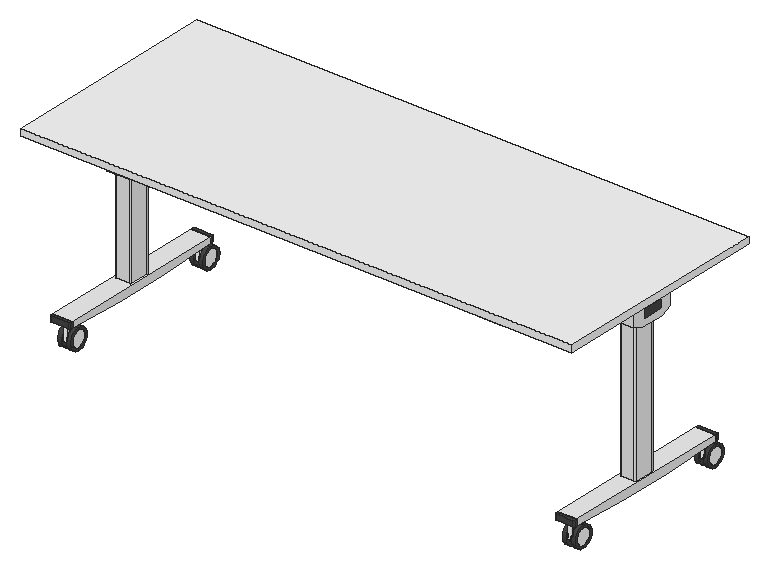
Revit family "Rectangular 800 Deep", category Furniture, Revit 2016
Family settings
  OmniClass Number = 23.40.20.00
  OmniClass Title = General Furniture and Specialties
  Work Plane-Based = No
  Always vertical = Yes
  Cut with Voids When Loaded = No
  Shared = No
  Room Calculation Point = No
Parameters (values of type "2000 x 800")
  Width = 2000 mm
  URL = "www.gof.co.uk"
  Type Comments = ""
  Sockets = yes
  Range = "GC1"
  Product Code = "GC1D1"
  Modesty Panel = ""
  HeightControl [instance] = if(Height < 740 mm, 740 mm, (if(Height > 1388 mm, 1388 mm, Height)))  # 740 mm
  Height [instance] = 727 mm
  Table Top = Gresham - White MFC
  Model = ""
  Manufacturer = "Gresham Office Furniture"  # constant formula
  Frame = Gresham - White Metal
  Foot = Gresham - Black Plastic
  Depth = 800 mm
  Cable Tray = ""
  Assembly Code = "E2020200"
Types (11, lengths in mm): name | Width | Sockets | Product Code | Depth
  (no name) | 2000 | yes | "GC1D1" | 800
  1600 x 800 | 1600 | yes | "GC1D3" | 800
  1800 x 800 | 1800 | yes | "GC1D2" | 800
  1200 x 800 | 1200 | no | "GC1B5" | 800
  1400 x 800 | 1400 | yes | "GC1D4" | 800
  1200 x 1000 | 1200 | no | "GC145" | 1000
  1400 x 1000 | 1200 | no | "GC1C4" | 1000
  1600 x 1000 | 1600 | yes | "GC1C3" | 1000
  1800 x 1000 | 1800 | yes | "GC1C2" | 1000
  2000 x 800 | 2000 | yes | "GC1D1" | 800
  2000 x 1000 | 2000 | yes | "GC1C1" | 1000
Reference planes
  plane 1 "Center (Front/Back)": y = 0
  plane 2: z = 0
  plane 3 "Center (Left/Right)": x = 0
  plane 4: x = -1000
  plane 5: x = 1000
  plane 6 "Desktop Underside": z = 715
  plane 7: y = 400
  plane 8: y = -400
  plane 9 "Foot": z = 15
  plane 10: z = 740
  plane 11: x = 859
  plane 12: x = -859
  plane 13 "Control": x = 950
  plane 14: x = -950
  plane 15: z = 672
  plane 16 "Left Handle": x = -632.5
  plane 17 "Right Handle": x = 632.5
  plane 18: y = 192.5
Forms (mm)
  Extrusion 1, solid, material "Gresham - White MFC" <- "Table Top"
    sketch origin (0, 0, 715) x (-1, 0, 0) y (0, -1, 0)
      loop
        line (-1000, 400) -> (-1000, -400) -> (1000, -400) -> (1000, 400) -> (-1000, 400)
    from 0 to 25
  Extrusion 2, solid, material "Gresham - White Metal" <- "Frame"
    sketch origin (-20.86, -302, -25) x (0, 1, 0) y (0, 0, 1)
      loop
        line (381.5, 712) -> (347.5, 712)
        arc (347.5, 712) -> (345.379, 711.121) -> (344.5, 709) r 3
        line (344.5, 709) -> (344.5, 675)
        arc (344.5, 675) -> (345.379, 672.879) -> (347.5, 672) r 3
        line (347.5, 672) -> (381.5, 672)
        arc (381.5, 672) -> (383.621, 672.879) -> (384.5, 675) r 3
        line (384.5, 675) -> (384.5, 709)
        arc (384.5, 709) -> (383.621, 711.121) -> (381.5, 712) r 3
    from -838.14 to 879.86
  Extrusion 3, solid, material "Gresham - White Metal" <- "Frame"
    sketch origin (-20.86, 302, -25) x (0, -1, 0) y (0, 0, -1)
      loop
        arc (381.5, -712) -> (383.621, -711.121) -> (384.5, -709) r 3
        line (384.5, -709) -> (384.5, -675)
        arc (384.5, -675) -> (383.621, -672.879) -> (381.5, -672) r 3
        line (381.5, -672) -> (347.5, -672)
        arc (347.5, -672) -> (345.379, -672.879) -> (344.5, -675) r 3
        line (344.5, -675) -> (344.5, -709)
        arc (344.5, -709) -> (345.379, -711.121) -> (347.5, -712) r 3
        line (347.5, -712) -> (381.5, -712)
    from -838.14 to 879.86
  Extrusion 4, solid, material "Gresham - White Metal" <- "Frame", visible <- "Sockets"
    sketch origin (0, 0, 2.048) x (1, 0, 0) y (0, 0, 1)
      loop
        line (-285, 644.952) -> (-285, 624.952) -> (-205, 594.952) -> (205, 594.952) -> (285, 624.952) -> (285, 644.952) -> (-285, 644.952)
    from -82.5 to 82.5
  Extrusion 5, solid, material "Gresham - Black Metal"
    sketch origin (-305, 20, -7.019) x (0, 1, 0) y (0, 0, 1)
      loop
        line (-365, 702.019) -> (-365, 712.019) -> (-387.5, 712.019) -> (-387.5, 702.019) -> (-365, 702.019)
    from -327.5 to 937.5
Dimensions and locks
  equal spacing: plane 4, plane 3 "Center (Left/Right)", plane 5
  "Width": plane 4 to plane 5
  equal spacing: plane 7, plane 1 "Center (Front/Back)", plane 8
  "Depth": plane 7 to plane 8
  locked: plane 2 to plane 9 "Foot" at 15
  "HeightControl": plane 10 to level
  locked: plane 10 to plane 6 "Desktop Underside" at 25
  locked: plane 11 to plane 5 at 141
  locked: plane 4 to plane 12 at 141
  locked: plane 13 "Control" to plane 5 at 50
  locked: plane 4 to plane 14 at 50
  Extrusion 2 sketch curve to Extrusion 1 = 28 mm
  Extrusion 2 sketch curve to Extrusion 2 sketch curve = 40 mm  (x2)
  Extrusion 2 to Extrusion 2 = 40 mm  (x2)
  Extrusion 3 sketch curve to Extrusion 3 sketch curve = 40 mm  (x2)
  locked: Extrusion 2 to nested 2 at 3
  locked: Extrusion 3 to nested 2 at 3
  locked: nested 3 to plane 5 at 290
  Extrusion 4 to plane 3 "Center (Left/Right)" to Extrusion 4 = 285 mm locked, 285 mm locked
  locked: plane 4 to plane 16 "Left Handle" at 367.5
  locked: plane 17 "Right Handle" to plane 5 at 367.5
  locked: Extrusion 5 to Extrusion 5 at 10
  plane 1 "Center (Front/Back)" to plane 18 = 192.5 mm
  locked: plane 4 to nested 4 at 287.5
  locked: Extrusion 5 to Extrusion 5 at 22.5
  locked: Extrusion 5 to plane 1 "Center (Front/Back)" at 345
  aligned and locked: level to plane 2
  aligned and locked: plane 10 to Extrusion 1
  aligned and locked: plane 12 to Extrusion 2
  aligned and locked: nested 1 to plane 13 "Control"
  aligned and locked: plane 14 to nested 2
  aligned and locked: plane 12 to Extrusion 3
  aligned and locked: plane 11 to Extrusion 3
  aligned and locked: plane 11 to Extrusion 2
  aligned and locked: Extrusion 5 to plane 16 "Left Handle"
  aligned and locked: Extrusion 5 to plane 17 "Right Handle"
  aligned and locked: nested 3 to plane 6 "Desktop Underside"
  aligned and locked: plane 18 to nested 3
  aligned and locked: nested 4 to plane 18
  aligned and locked: plane 6 "Desktop Underside" to nested 4
Automatic sketch dimensions
  Extrusion 1 sketch curve to plane 5 = 0 mm
  Extrusion 1 sketch curve to plane 4 = 0 mm
  Extrusion 1 sketch curve to plane 7 = 0 mm
  Extrusion 1 sketch curve to plane 8 = 0 mm
  Extrusion 2 sketch curve to plane 1 "Center (Front/Back)" = 42.5 mm
  Extrusion 2 sketch curve to Extrusion 2 sketch curve = 3 mm  (x4)
  plane 1 "Center (Front/Back)" to Extrusion 3 sketch curve = 42.5 mm
  Extrusion 3 sketch curve to Extrusion 3 sketch curve = 3 mm  (x4)
  Extrusion 3 sketch curve to plane 6 "Desktop Underside" = 28 mm
  Extrusion 4 sketch curve to plane 6 "Desktop Underside" = 68 mm
  Extrusion 4 sketch curve to plane 12 = 574 mm
  plane 3 "Center (Left/Right)" to Extrusion 4 sketch curve = 205 mm
  Extrusion 4 sketch curve to Extrusion 4 sketch curve = 80 mm  (x2)
  Extrusion 4 sketch curve to Extrusion 4 sketch curve = 20 mm  (x2)
  Extrusion 4 sketch curve to Extrusion 4 sketch curve = 30 mm
  plane 15 to Extrusion 5 sketch curve = 23 mm
  plane 8 to Extrusion 5 sketch curve = 32.5 mm
  Extrusion 5 sketch curve to Extrusion 5 sketch curve = 22.5 mm
  Extrusion 5 sketch curve to plane 6 "Desktop Underside" = 10 mm
Nested families
  nested 1: "GC1 Leg" at (109.989, -200, 0), Height <- "HeightControl", type "GC1 Leg"
    with HeightControl 740 mm, Height 740 mm
  nested 2: "GC1 Leg" at (-109.989, -200, 0) x (-1, 0, 0) z (0, 0, 1), Height <- "HeightControl", type "GC1 Leg"
    with HeightControl 740 mm, Height 740 mm
  nested 3: "800 GC1 Rigger" at (1351.34, -62.5, 13.013) x (-1, 0, 0) z (0, 0, 1), type "800 GC1 Rigger"
  nested 4: "800 GC1 Rigger" at (-1351.34, -62.5, 13.013), type "800 GC1 Rigger"
Definition of nested family "GC1 Leg"
  Parameters (values of type "GC1 Leg")
    Width = 1800 mm
    URL = "www.gof.co.uk"
    Type Comments = ""
    Range = "GC1"
    Product Code = ""
    Model = ""
    Manufacturer = "Gresham Office Furniture"  # constant formula
    HeightControl [instance] = if(Height < 740 mm, 740 mm, (if(Height > 1388 mm, 1388 mm, Height)))  # 740 mm
    Height [instance] = 727 mm
    Frame = none
    Foot = none
    Bung = none
    Assembly Code = "E2020200"
  Reference planes
    plane 1 "Center (Front/Back)": y = 200
    plane 2: z = 0
    plane 3 "Center (Left/Right)": x = 0
    plane 4: x = -900
    plane 5: x = 900
    plane 6 "Desktop": z = 740
    plane 7: y = 600
    plane 8: y = -200
    plane 9 "Foot": z = 15
    plane 10 "Desktop Underside": z = 715
    plane 11 "Max Height": z = 1338
    plane 12 "Max Desktop Underside": z = 1313
  Forms (mm)
    Extrusion 1, solid, material <- "Frame"
      sketch origin (0, 0, 740) x (-1, 0, 0) y (0, -1, 0)
        loop
          line (-827.511, -240) -> (-782.511, -240)
          arc (-782.511, -240) -> (-778.976, -238.536) -> (-777.511, -235) r 5
          line (-777.511, -235) -> (-777.511, -165)
          arc (-777.511, -165) -> (-778.976, -161.464) -> (-782.511, -160) r 5
          line (-782.511, -160) -> (-827.511, -160)
          arc (-827.511, -160) -> (-831.047, -161.464) -> (-832.511, -165) r 5
          line (-832.511, -165) -> (-832.511, -235)
          arc (-832.511, -235) -> (-831.047, -238.536) -> (-827.511, -240) r 5
      from -623 to -119
    Extrusion 2, solid, material <- "Frame"
      sketch origin (0, 0, 715) x (-1, 0, 0) y (0, -1, 0)
        loop
          line (-827.511, -238) -> (-782.511, -238)
          arc (-782.511, -238) -> (-780.39, -237.121) -> (-779.511, -235) r 3
          line (-779.511, -235) -> (-779.511, -165)
          arc (-779.511, -165) -> (-780.39, -162.879) -> (-782.511, -162) r 3
          line (-782.511, -162) -> (-827.511, -162)
          arc (-827.511, -162) -> (-829.633, -162.879) -> (-830.511, -165) r 3
          line (-830.511, -165) -> (-830.511, -235)
          arc (-830.511, -235) -> (-829.633, -237.121) -> (-827.511, -238) r 3
      from -94 to -85
    Extrusion 3, solid, material <- "Frame"
      sketch origin (770.011, 0, -55.141) x (0, 1, 0) y (0, 0, 1)
        loop
          line (513.5, 172.141) -> (-113.5, 172.141) -> (-113.5, 152.141) -> (100, 142.141) -> (300, 142.141) -> (513.5, 152.141) -> (513.5, 172.141)
      from 0 to 70
    Extrusion 4, solid, material <- "Bung"
      sketch origin (0, 0, 726.959) x (-1, 0, 0) y (0, -1, 0)
        loop
          line (-840.011, -513.5) -> (-840.011, -520.5)
          arc (-840.011, -520.5) -> (-838.547, -524.036) -> (-835.011, -525.5) r 5
          line (-835.011, -525.5) -> (-775.011, -525.5)
          arc (-775.011, -525.5) -> (-771.476, -524.036) -> (-770.011, -520.5) r 5
          line (-770.011, -520.5) -> (-770.011, -513.5) -> (-840.011, -513.5)
      from -629.959 to -610
    Extrusion 5, solid, material <- "Frame"
      sketch origin (749.011, 0, -25) x (0, 1, 0) y (0, 0, 1)
        loop
          line (282.5, 715) -> (117.5, 715) -> (117.5, 670) -> (157.5, 655) -> (242.5, 655) -> (282.5, 670) -> (282.5, 715)
      from 0 to 112
    Extrusion 6, solid, material <- "Bung"
      sketch origin (0, 400, 726.959) x (-1, 0, 0) y (0, -1, 0)
        loop
          line (-840.011, 513.5) -> (-770.011, 513.5) -> (-770.011, 520.5)
          arc (-770.011, 520.5) -> (-771.476, 524.036) -> (-775.011, 525.5) r 5
          line (-775.011, 525.5) -> (-835.011, 525.5)
          arc (-835.011, 525.5) -> (-838.547, 524.036) -> (-840.011, 520.5) r 5
          line (-840.011, 520.5) -> (-840.011, 513.5)
      from -629.959 to -610
    Extrusion 7, solid
      sketch origin (861.011, 0, -28) x (0, 1, 0) y (0, 0, 1)
        loop
          line (232, 715) -> (168, 715)
          arc (168, 715) -> (165.879, 714.121) -> (165, 712) r 3
          line (165, 712) -> (165, 688)
          arc (165, 688) -> (165.879, 685.879) -> (168, 685) r 3
          line (168, 685) -> (232, 685)
          arc (232, 685) -> (234.121, 685.879) -> (235, 688) r 3
          line (235, 688) -> (235, 712)
          arc (235, 712) -> (234.121, 714.121) -> (232, 715) r 3
      from 0 to 2
  Dimensions and locks
    equal spacing: plane 4, plane 3 "Center (Left/Right)", plane 5
    "Width": plane 4 to plane 5
    equal spacing: plane 7, plane 1 "Center (Front/Back)", plane 8
    locked: plane 7 to plane 8 at 800
    locked: plane 9 "Foot" to level at 15
    locked: plane 6 "Desktop" to plane 10 "Desktop Underside" at 25
    plane 11 "Max Height" to level = 1338 mm
    "HeightControl": plane 6 "Desktop" to level
    plane 9 "Foot" to level = 15 mm
    locked: level to Extrusion 3 at 87
    locked: level to Extrusion 1 at 117
    locked: Extrusion 5 to Extrusion 5 at 60
    locked: plane 11 "Max Height" to plane 12 "Max Desktop Underside" at 25
    locked: plane 10 "Desktop Underside" to Extrusion 5 at 25
    locked: Extrusion 1 to plane 9 "Foot" at 606
    aligned and locked: level to plane 2
    aligned and locked: Extrusion 4 to Extrusion 3
    aligned and locked: Extrusion 1 to Extrusion 2
    aligned and locked: Extrusion 2 to Extrusion 5
  Automatic sketch dimensions
    plane 1 "Center (Front/Back)" to Extrusion 1 sketch curve = 35 mm
    plane 5 to Extrusion 1 sketch curve = 67.489 mm
    Extrusion 1 sketch curve to Extrusion 1 sketch curve = 5 mm  (x3)
    Extrusion 1 sketch curve to Extrusion 1 sketch curve = 45 mm  (x2)
    Extrusion 1 sketch curve to plane 1 "Center (Front/Back)" = 35 mm
    plane 1 "Center (Front/Back)" to Extrusion 2 sketch curve = 35 mm
    plane 5 to Extrusion 2 sketch curve = 69.489 mm
    Extrusion 2 sketch curve to Extrusion 2 sketch curve = 3 mm  (x3)
    Extrusion 2 sketch curve to Extrusion 2 sketch curve = 45 mm  (x2)
    Extrusion 2 sketch curve to plane 1 "Center (Front/Back)" = 35 mm
    plane 8 to Extrusion 3 sketch curve = 86.5 mm
    plane 1 "Center (Front/Back)" to Extrusion 3 sketch curve = 100 mm
    Extrusion 3 sketch curve to plane 1 "Center (Front/Back)" = 100 mm
    Extrusion 3 sketch curve to plane 7 = 86.5 mm
    plane 9 "Foot" to Extrusion 3 sketch curve = 72 mm
    plane 9 "Foot" to Extrusion 3 sketch curve = 82 mm  (x2)
    Extrusion 3 sketch curve to Extrusion 3 sketch curve = 20 mm
    plane 5 to Extrusion 4 sketch curve = 59.989 mm
    Extrusion 4 sketch curve to Extrusion 4 sketch curve = 5 mm  (x2)
    Extrusion 4 sketch curve to Extrusion 4 sketch curve = 60 mm
    Extrusion 4 sketch curve to plane 7 = 74.5 mm
    Extrusion 4 sketch curve to Extrusion 4 sketch curve = 7 mm
    Extrusion 5 sketch curve to plane 10 "Desktop Underside" = 25 mm
    plane 1 "Center (Front/Back)" to Extrusion 5 sketch curve = 82.5 mm
    plane 1 "Center (Front/Back)" to Extrusion 5 sketch curve = 42.5 mm
    Extrusion 5 sketch curve to plane 1 "Center (Front/Back)" = 42.5 mm
    Extrusion 5 sketch curve to Extrusion 5 sketch curve = 40 mm
    Extrusion 5 sketch curve to plane 10 "Desktop Underside" = 70 mm  (x2)
    Extrusion 5 sketch curve to Extrusion 5 sketch curve = 15 mm
    plane 5 to Extrusion 6 sketch curve = 59.989 mm
    Extrusion 6 sketch curve to Extrusion 6 sketch curve = 5 mm  (x2)
    Extrusion 6 sketch curve to Extrusion 6 sketch curve = 60 mm
    plane 8 to Extrusion 6 sketch curve = 86.5 mm
    Extrusion 6 sketch curve to Extrusion 6 sketch curve = 7 mm
    plane 1 "Center (Front/Back)" to Extrusion 7 sketch curve = 35 mm
    Extrusion 7 sketch curve to Extrusion 7 sketch curve = 3 mm  (x2)
    Extrusion 7 sketch curve to plane 10 "Desktop Underside" = 28 mm
    Extrusion 7 sketch curve to plane 1 "Center (Front/Back)" = 32 mm
    Extrusion 7 sketch curve to plane 10 "Desktop Underside" = 31 mm
    Extrusion 7 sketch curve to Extrusion 7 sketch curve = 0 mm
    Extrusion 7 sketch curve to Extrusion 7 sketch curve = 24 mm
  Nested families
    nested 1: "GC1 Castor" at (805.011, -69.5, 0), type "Castor"
    nested 2: "GC1 Castor" at (805.011, 529.5, 0), type "Castor"
  Definition of nested family "GC1 Castor"
    Parameters (values of type "Castor")
      Castor Plastic - Black = none
      Castor Plastic - White = none
      URL = "www.gof.co.uk"
      Range = "TABLES"
      Product Code = ""
      Model = ""
      Manufacturer = "Gresham Office Funiture"  # constant formula
      Castor Thread = none
      Assembly Code = "E2020200"
    Reference planes
      plane 1 "Center (Front/Back)": y = 0
      plane 2: z = 0
      plane 3 "Center (Left/Right)": x = 0
      plane 4: z = 100
      plane 5: z = 90
    Forms (mm)
      Extrusion 1, solid, material <- "Castor Plastic - White"
        sketch origin (2.5, 304.351, -0.285) x (0, 1, 0) y (0, 0, 1)
          loop
            arc (-267.351, 37.285) -> (-304.351, 74.285) -> (-341.351, 37.285) r 37
            line (-341.351, 37.285) -> (-267.351, 37.285)
        from -10 to 5
      Revolve 2, solid, material <- "Castor Plastic - Black"
        sketch origin (-2.5, 0, -0.285) x (1, 0, 0) y (0, 0, 1)
          loop
            line (11, 74.785) -> (11, 37.285) -> (26, 37.285) -> (26, 74.785) -> (11, 74.785)
          axis (11, 37.285) -> (26, 37.285)
        angle from 0 to 360
      Extrusion 3, solid, material <- "Castor Plastic - White"
        sketch origin (0, 0, 4.5) x (0, 1, 0) y (0, 0, 1)
          loop
            circle (0, 32.5) r 28
        from 15 to 20
      Extrusion 4, void
        sketch origin (4.5, 286.351, -0.285) x (0, 1, 0) y (0, 0, -1)
          loop
            circle (-286.351, -37.285) r 30
        from -25.414 to -10.5
      Extrusion 5, solid, material <- "Castor Plastic - Black"
        sketch origin (0, 4.711, 4.5) x (0, 1, 0) y (0, 0, 1)
          loop
            arc (31.293, 47.027) -> (33.836, 39.234) -> (34.47, 31.061) r 34.5
            line (34.47, 31.061) -> (35.857, 30.444)
            arc (35.857, 30.444) -> (34.32, 27.37) -> (31.667, 25.187) r 8.27
            arc (31.667, 25.187) -> (30.839, 22.243) -> (29.738, 19.39) r 32.5
            arc (29.738, 19.39) -> (36.385, 22.362) -> (40.463, 28.393) r 13.27
            line (40.463, 28.393) -> (44.765, 26.478) -> (45.635, 28.433) -> (36.5, 32.5)
            arc (36.5, 32.5) -> (35.738, 39.918) -> (33.485, 47.027) r 36.5
            line (33.485, 47.027) -> (31.293, 47.027)
        from -7.5 to 7.5
      Revolve 6, solid, material <- "Castor Plastic - Black"
        sketch origin (2.5, 0, -0.285) x (-1, 0, 0) y (0, 0, -1)
          loop
            line (11, -74.785) -> (26, -74.785) -> (26, -37.285) -> (11, -37.285) -> (11, -74.785)
          axis (11, -37.285) -> (26, -37.285)
        angle from 0 to 360
      Extrusion 7, solid, material <- "Castor Plastic - White"
        sketch origin (-0.5, 274.351, -0.285) x (1, 0, 0) y (0, 1, 0)
          loop
            circle (0.5, -304.351) r 7
        from 37.285 to 90.285
      Extrusion 8, solid, material <- "Castor Thread"
        sketch origin (-0.5, 274.351, 34.453) x (1, 0, 0) y (0, 1, 0)
          loop
            circle (0.5, -304.351) r 4
        from 55.547 to 66.036
      Extrusion 9, solid, material <- "Castor Plastic - White"
        sketch origin (0, 0, 4.5) x (0, 1, 0) y (0, 0, -1)
          loop
            circle (0, -32.5) r 28
        from 15 to 20
      Extrusion 10, solid, material <- "Castor Plastic - White"
        sketch origin (0, 0, 4.5) x (0, 1, 0) y (0, 0, -1)
          loop
            circle (0, -32.5) r 28
        from 15 to 20
      Extrusion 11, void
        sketch origin (-4.5, 286.351, -0.285) x (0, 1, 0) y (0, 0, 1)
          loop
            circle (-286.351, 37.285) r 30
        from -25.414 to -10.5
    Cuts and joins
      Extrusion 4, Extrusion 11 cuts Revolve 2
      Extrusion 11 cuts Extrusion 3
      Extrusion 11 cuts Revolve 6
    Dimensions and locks
      level to plane 4 = 100 mm
      plane 5 to plane 4 = 10 mm
      aligned and locked: level to plane 2
      aligned and locked: Extrusion 7 to plane 5
Definition of nested family "800 GC1 Rigger"
  Parameters (values of type "800 GC1 Rigger")
    Width = 1800 mm
    URL = "www.gof.co.uk"
    Range = "GC1"
    Product Code = ""
    Manufacturer = "Gresham Office Furniture"  # constant formula
    Handle = none
    Frame = none
    Black Plastic = none
    Assembly Code = "E2020200"
  Reference planes
    plane 1 "Center (Front/Back)": y = 0
    plane 2: z = 0
    plane 3 "Center (Left/Right)": x = 0
    plane 4: x = -900
    plane 5: x = 900
    plane 6: y = 400
    plane 7: y = -400
    plane 8: z = 727
    plane 9: x = -880
    plane 10: x = 880
    plane 11: y = 272.504
    plane 12: y = -272.504
    plane 13: z = 80
    plane 14: y = -40.219
    plane 15: y = 40
  Forms (mm)
    Extrusion 1, solid, material <- "Frame"
      sketch origin (114.89, 0, 0) x (1, 0, 0) y (0, 1, 0)
        loop
          line (601.45, 255) -> (526.45, 255) -> (526.45, 225) -> (541.45, 225) -> (541.45, -225) -> (526.45, -225) -> (526.45, -255) -> (601.45, -255) -> (601.45, -225) -> (586.45, -225) -> (586.45, 225) -> (601.45, 225) -> (601.45, 255)
      from 696.987 to 701.987
    Extrusion 2, solid, material <- "Frame"
      sketch origin (0, 0, 0) x (0, 1, 0) y (0, 0, 1)
        loop
          line (-225, 696.987) -> (-195, 681.987) -> (195, 681.987) -> (225, 696.987) -> (-225, 696.987)
      from 656.34 to 701.34
    Extrusion 3, solid, material <- "Handle"
      sketch origin (0, 80, -0.631) x (1, 0, 0) y (0, 1, 0)
        loop
          line (638.84, -385) -> (718.84, -385) -> (718.84, -345)
          arc (718.84, -345) -> (678.84, -305) -> (638.84, -345) r 40
          line (638.84, -345) -> (638.84, -385)
        loop
          line (715.84, -365) -> (715.84, -345)
          arc (715.84, -345) -> (708.327, -322.651) -> (688.84, -309.377) r 37
          line (688.84, -309.377) -> (688.84, -365) -> (715.84, -365)
        loop
          line (641.84, -365) -> (668.84, -365) -> (668.84, -309.377)
          arc (668.84, -309.377) -> (649.352, -322.651) -> (641.84, -345) r 37
          line (641.84, -345) -> (641.84, -365)
      from 677.618 to 697.618
    Extrusion 4, solid, material <- "Frame"
      sketch origin (0, -1.182, 11.856) x (1, 0, 0) y (0, 0, 1)
        loop
          line (701.34, 670.131) -> (656.34, 670.131) -> (656.34, 620.131) -> (701.34, 620.131) -> (701.34, 670.131)
      from -56.182 to 53.818
  Cuts and joins
    joined: Extrusion 1, Extrusion 2
  Dimensions and locks
    equal spacing: plane 4, plane 3 "Center (Left/Right)", plane 5
    "Width": plane 4 to plane 5
    equal spacing: plane 6, plane 1 "Center (Front/Back)", plane 7
    locked: plane 6 to plane 7 at 800
    locked: plane 8 to level at 727
    locked: plane 4 to plane 9 at 20
    locked: plane 10 to plane 5 at 20
    plane 13 to level = 80 mm
    locked: Extrusion 1 to Extrusion 1 at 5
    locked: Extrusion 1 to Extrusion 1 at 75
    locked: Extrusion 3 to Extrusion 3 at 20
    equal spacing: Extrusion 4, plane 1 "Center (Front/Back)", Extrusion 4
    Extrusion 4 to Extrusion 4 = 110 mm
    Extrusion 4 to Extrusion 4 = 50 mm
    cut or joined group of Extrusion 1, Extrusion 2 to cut or joined group of Extrusion 1, Extrusion 2 = 510 mm
    aligned and locked: level to plane 2
  Automatic sketch dimensions
    Extrusion 2 sketch curve to plane 12 = 47.504 mm
    Extrusion 2 sketch curve to plane 12 = 77.504 mm
    Extrusion 2 sketch curve to plane 11 = 77.504 mm
    Extrusion 2 sketch curve to plane 11 = 47.504 mm
    plane 8 to Extrusion 2 sketch curve = 45.013 mm
    plane 8 to Extrusion 2 sketch curve = 30.013 mm
    Extrusion 3 sketch curve to Extrusion 3 sketch curve = 0 mm  (x7)
    plane 7 to Extrusion 3 sketch curve = 95 mm
    plane 10 to Extrusion 3 sketch curve = 241.16 mm
    Extrusion 3 sketch curve to Extrusion 3 sketch curve = 3 mm  (x2)
    Extrusion 3 sketch curve to Extrusion 3 sketch curve = 27 mm
    Extrusion 3 sketch curve to Extrusion 3 sketch curve = 10 mm
    Extrusion 3 sketch curve to Extrusion 3 sketch curve = 20 mm  (x3)
    plane 8 to Extrusion 4 sketch curve = 45.013 mm
    plane 10 to Extrusion 4 sketch curve = 223.66 mm
    Extrusion 4 sketch curve to Extrusion 4 sketch curve = 45 mm
    Extrusion 4 sketch curve to Extrusion 4 sketch curve = 50 mm
    Extrusion 1 sketch curve to plane 12 = 17.504 mm
    plane 10 to Extrusion 1 sketch curve = 238.66 mm  (x2)
    Extrusion 1 sketch curve to plane 11 = 17.504 mm
    Extrusion 1 sketch curve to plane 12 = 47.504 mm  (x2)
    Extrusion 1 sketch curve to Extrusion 1 sketch curve = 15 mm  (x3)
    Extrusion 1 sketch curve to Extrusion 1 sketch curve = 45 mm
    Extrusion 1 sketch curve to plane 11 = 47.504 mm  (x2)
